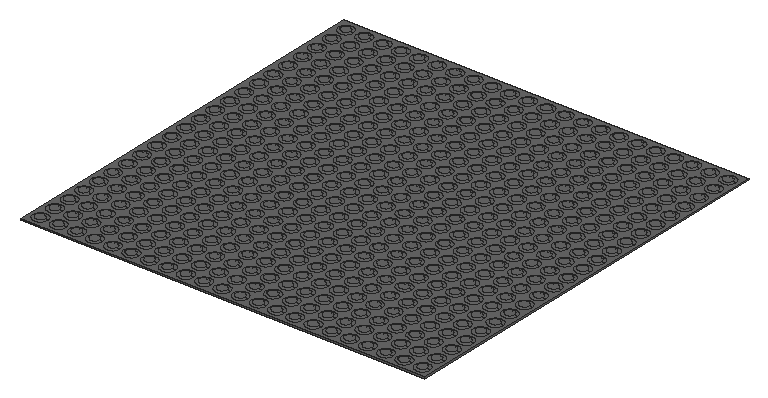
Revit family "141012027113804", category Modelos genéricos, Revit 2018
Family settings
  Puede alojar armadura = No
  Cota de conector redondo = Diámetro de uso
  Tipo de pieza = Normal
  Se basa en plano de trabajo = No
  Siempre vertical = No
  Corte con vacíos al cargar = No
  Compartido = No
  Punto de cálculo de habitación = No
Parameters (values of type "PISO ESTOPEROL GOMA 1MTX3MM NEGRO ROLLO 20MT")
  Ventajas = ""
  Uso = "Es un producto que se puede instala en los descansos de las escaleras o tambien en\r\npisos de medio o alto tráfico cómo pasillos de edificios, aeropuertos, entre otros. Es una\r\nsolución fabricada en caucho natural con diseños antideslizantes. Ideal para: Edificios Públicos y Privados, Colegios, Universidades, Centros comerciales, Aeropuertos, Hoteles,\r\nEdificios Habitacionales, entre otros."
  Unidad = "Rollo 20m."
  URL = "https://www.empresascnp.cl/"
  Num SKUs = "141012027113804"
  Nombre SKU = "PISO ESTOPEROL GOMA 1MTX3MM NEGRO ROLLO 20MT"
  Modelo = "PISO ESTOPEROL GOMA"
  Material = Goma negro
  Url Ficha tecnica = "https://empresascnp.cl/wp-content/uploads//pdf/ficha-tecnica-piso-estoperol-goma-1mtx3mm-negro-rollo-20mt.pdf"
  Largo = 1000.00 mm
  Espesor = 3.00 mm
  Empresa = "CNP SPA."
  Dureza = ""
  Dimension = 1000.00 mm
  Descripción = "Piso Estoperol antideslizante"
  Contacto = "info@empresascnp.cl"
  Color = "Negro"
  Aplicacion = "Donde se requiera una solucion antideslizante en solados."
  Alto = 3.00 mm
Reference planes
  plane 1 "Center F/B": y = 0
  plane 2: z = 0
  plane 3 "Center L/R": x = 0
  plane 4: z = -8
  plane 5 "2": y = 500
  plane 6 "3": y = -500
  plane 7: x = 1000
  plane 8: z = -2
  plane 9 "4": x = 2
Forms (mm)
  Extrusion 1, solid, material "Goma negro" <- "Material"
    sketch origin (0, 0, 4) x (1, 0, 0) y (0, 0, 1)
      loop
        line (0, -4) -> (0, -7) -> (1000, -7) -> (1000, -4) -> (0, -4)
    from -500 to 500
  Blend 2, solid, material "Goma negro" <- "Material"
    base sketch origin (178.816, -165.227, 0) x (1, 0, 0) y (0, 1, 0)
      loop
        circle (793.684, -307.273) r 17.5
    top sketch origin (178.816, -165.227, 0) x (1, 0, 0) y (0, 1, 0)
      loop
        circle (793.684, -307.273) r 12.5
    from 0 to 1
  Blend 3, solid, material "Goma negro" <- "Material"
    base sketch origin (133.816, -165.227, 0) x (1, 0, 0) y (0, 1, 0)
      loop
        circle (793.684, -307.273) r 17.5
    top sketch origin (133.816, -165.227, 0) x (1, 0, 0) y (0, 1, 0)
      loop
        circle (793.684, -307.273) r 12.5
    from 0 to 1
  Blend 4, solid, material "Goma negro" <- "Material"
    base sketch origin (88.816, -165.227, 0) x (1, 0, 0) y (0, 1, 0)
      loop
        circle (793.684, -307.273) r 17.5
    top sketch origin (88.816, -165.227, 0) x (1, 0, 0) y (0, 1, 0)
      loop
        circle (793.684, -307.273) r 12.5
    from 0 to 1
  Blend 5, solid, material "Goma negro" <- "Material"
    base sketch origin (43.816, -165.227, 0) x (1, 0, 0) y (0, 1, 0)
      loop
        circle (793.684, -307.273) r 17.5
    top sketch origin (43.816, -165.227, 0) x (1, 0, 0) y (0, 1, 0)
      loop
        circle (793.684, -307.273) r 12.5
    from 0 to 1
  Blend 6, solid, material "Goma negro" <- "Material"
    base sketch origin (-1.184, -165.227, 0) x (1, 0, 0) y (0, 1, 0)
      loop
        circle (793.684, -307.273) r 17.5
    top sketch origin (-1.184, -165.227, 0) x (1, 0, 0) y (0, 1, 0)
      loop
        circle (793.684, -307.273) r 12.5
    from 0 to 1
  Blend 7, solid, material "Goma negro" <- "Material"
    base sketch origin (-46.184, -165.227, 0) x (1, 0, 0) y (0, 1, 0)
      loop
        circle (793.684, -307.273) r 17.5
    top sketch origin (-46.184, -165.227, 0) x (1, 0, 0) y (0, 1, 0)
      loop
        circle (793.684, -307.273) r 12.5
    from 0 to 1
  Blend 8, solid, material "Goma negro" <- "Material"
    base sketch origin (-91.184, -165.227, 0) x (1, 0, 0) y (0, 1, 0)
      loop
        circle (793.684, -307.273) r 17.5
    top sketch origin (-91.184, -165.227, 0) x (1, 0, 0) y (0, 1, 0)
      loop
        circle (793.684, -307.273) r 12.5
    from 0 to 1
  Blend 9, solid, material "Goma negro" <- "Material"
    base sketch origin (-136.184, -165.227, 0) x (1, 0, 0) y (0, 1, 0)
      loop
        circle (793.684, -307.273) r 17.5
    top sketch origin (-136.184, -165.227, 0) x (1, 0, 0) y (0, 1, 0)
      loop
        circle (793.684, -307.273) r 12.5
    from 0 to 1
  Blend 10, solid, material "Goma negro" <- "Material"
    base sketch origin (-181.184, -165.227, 0) x (1, 0, 0) y (0, 1, 0)
      loop
        circle (793.684, -307.273) r 17.5
    top sketch origin (-181.184, -165.227, 0) x (1, 0, 0) y (0, 1, 0)
      loop
        circle (793.684, -307.273) r 12.5
    from 0 to 1
  Blend 11, solid, material "Goma negro" <- "Material"
    base sketch origin (-226.184, -165.227, 0) x (1, 0, 0) y (0, 1, 0)
      loop
        circle (793.684, -307.273) r 17.5
    top sketch origin (-226.184, -165.227, 0) x (1, 0, 0) y (0, 1, 0)
      loop
        circle (793.684, -307.273) r 12.5
    from 0 to 1
  Blend 12, solid, material "Goma negro" <- "Material"
    base sketch origin (-271.184, -165.227, 0) x (1, 0, 0) y (0, 1, 0)
      loop
        circle (793.684, -307.273) r 17.5
    top sketch origin (-271.184, -165.227, 0) x (1, 0, 0) y (0, 1, 0)
      loop
        circle (793.684, -307.273) r 12.5
    from 0 to 1
  Blend 13, solid, material "Goma negro" <- "Material"
    base sketch origin (-316.184, -165.227, 0) x (1, 0, 0) y (0, 1, 0)
      loop
        circle (793.684, -307.273) r 17.5
    top sketch origin (-316.184, -165.227, 0) x (1, 0, 0) y (0, 1, 0)
      loop
        circle (793.684, -307.273) r 12.5
    from 0 to 1
  Blend 14, solid, material "Goma negro" <- "Material"
    base sketch origin (-361.184, -165.227, 0) x (1, 0, 0) y (0, 1, 0)
      loop
        circle (793.684, -307.273) r 17.5
    top sketch origin (-361.184, -165.227, 0) x (1, 0, 0) y (0, 1, 0)
      loop
        circle (793.684, -307.273) r 12.5
    from 0 to 1
  Blend 15, solid, material "Goma negro" <- "Material"
    base sketch origin (-406.184, -165.227, 0) x (1, 0, 0) y (0, 1, 0)
      loop
        circle (793.684, -307.273) r 17.5
    top sketch origin (-406.184, -165.227, 0) x (1, 0, 0) y (0, 1, 0)
      loop
        circle (793.684, -307.273) r 12.5
    from 0 to 1
  Blend 16, solid, material "Goma negro" <- "Material"
    base sketch origin (-451.184, -165.227, 0) x (1, 0, 0) y (0, 1, 0)
      loop
        circle (793.684, -307.273) r 17.5
    top sketch origin (-451.184, -165.227, 0) x (1, 0, 0) y (0, 1, 0)
      loop
        circle (793.684, -307.273) r 12.5
    from 0 to 1
  Blend 17, solid, material "Goma negro" <- "Material"
    base sketch origin (-496.184, -165.227, 0) x (1, 0, 0) y (0, 1, 0)
      loop
        circle (793.684, -307.273) r 17.5
    top sketch origin (-496.184, -165.227, 0) x (1, 0, 0) y (0, 1, 0)
      loop
        circle (793.684, -307.273) r 12.5
    from 0 to 1
  Blend 18, solid, material "Goma negro" <- "Material"
    base sketch origin (-541.184, -165.227, 0) x (1, 0, 0) y (0, 1, 0)
      loop
        circle (793.684, -307.273) r 17.5
    top sketch origin (-541.184, -165.227, 0) x (1, 0, 0) y (0, 1, 0)
      loop
        circle (793.684, -307.273) r 12.5
    from 0 to 1
  Blend 19, solid, material "Goma negro" <- "Material"
    base sketch origin (-586.184, -165.227, 0) x (1, 0, 0) y (0, 1, 0)
      loop
        circle (793.684, -307.273) r 17.5
    top sketch origin (-586.184, -165.227, 0) x (1, 0, 0) y (0, 1, 0)
      loop
        circle (793.684, -307.273) r 12.5
    from 0 to 1
  Blend 20, solid, material "Goma negro" <- "Material"
    base sketch origin (-631.184, -165.227, 0) x (1, 0, 0) y (0, 1, 0)
      loop
        circle (793.684, -307.273) r 17.5
    top sketch origin (-631.184, -165.227, 0) x (1, 0, 0) y (0, 1, 0)
      loop
        circle (793.684, -307.273) r 12.5
    from 0 to 1
  Blend 21, solid, material "Goma negro" <- "Material"
    base sketch origin (-676.184, -165.227, 0) x (1, 0, 0) y (0, 1, 0)
      loop
        circle (793.684, -307.273) r 17.5
    top sketch origin (-676.184, -165.227, 0) x (1, 0, 0) y (0, 1, 0)
      loop
        circle (793.684, -307.273) r 12.5
    from 0 to 1
  Blend 22, solid, material "Goma negro" <- "Material"
    base sketch origin (-721.184, -165.227, 0) x (1, 0, 0) y (0, 1, 0)
      loop
        circle (793.684, -307.273) r 17.5
    top sketch origin (-721.184, -165.227, 0) x (1, 0, 0) y (0, 1, 0)
      loop
        circle (793.684, -307.273) r 12.5
    from 0 to 1
  Blend 23, solid, material "Goma negro" <- "Material"
    base sketch origin (-766.184, -165.227, 0) x (1, 0, 0) y (0, 1, 0)
      loop
        circle (793.684, -307.273) r 17.5
    top sketch origin (-766.184, -165.227, 0) x (1, 0, 0) y (0, 1, 0)
      loop
        circle (793.684, -307.273) r 12.5
    from 0 to 1
  Blend 24, solid, material "Goma negro" <- "Material"
    base sketch origin (178.816, -120.227, 0) x (1, 0, 0) y (0, 1, 0)
      loop
        circle (793.684, -307.273) r 17.5
    top sketch origin (178.816, -120.227, 0) x (1, 0, 0) y (0, 1, 0)
      loop
        circle (793.684, -307.273) r 12.5
    from 0 to 1
  Blend 25, solid, material "Goma negro" <- "Material"
    base sketch origin (133.816, -120.227, 0) x (1, 0, 0) y (0, 1, 0)
      loop
        circle (793.684, -307.273) r 17.5
    top sketch origin (133.816, -120.227, 0) x (1, 0, 0) y (0, 1, 0)
      loop
        circle (793.684, -307.273) r 12.5
    from 0 to 1
  Blend 26, solid, material "Goma negro" <- "Material"
    base sketch origin (88.816, -120.227, 0) x (1, 0, 0) y (0, 1, 0)
      loop
        circle (793.684, -307.273) r 17.5
    top sketch origin (88.816, -120.227, 0) x (1, 0, 0) y (0, 1, 0)
      loop
        circle (793.684, -307.273) r 12.5
    from 0 to 1
  Blend 27, solid, material "Goma negro" <- "Material"
    base sketch origin (43.816, -120.227, 0) x (1, 0, 0) y (0, 1, 0)
      loop
        circle (793.684, -307.273) r 17.5
    top sketch origin (43.816, -120.227, 0) x (1, 0, 0) y (0, 1, 0)
      loop
        circle (793.684, -307.273) r 12.5
    from 0 to 1
  Blend 28, solid, material "Goma negro" <- "Material"
    base sketch origin (-1.184, -120.227, 0) x (1, 0, 0) y (0, 1, 0)
      loop
        circle (793.684, -307.273) r 17.5
    top sketch origin (-1.184, -120.227, 0) x (1, 0, 0) y (0, 1, 0)
      loop
        circle (793.684, -307.273) r 12.5
    from 0 to 1
  Blend 29, solid, material "Goma negro" <- "Material"
    base sketch origin (-46.184, -120.227, 0) x (1, 0, 0) y (0, 1, 0)
      loop
        circle (793.684, -307.273) r 17.5
    top sketch origin (-46.184, -120.227, 0) x (1, 0, 0) y (0, 1, 0)
      loop
        circle (793.684, -307.273) r 12.5
    from 0 to 1
  Blend 30, solid, material "Goma negro" <- "Material"
    base sketch origin (-91.184, -120.227, 0) x (1, 0, 0) y (0, 1, 0)
      loop
        circle (793.684, -307.273) r 17.5
    top sketch origin (-91.184, -120.227, 0) x (1, 0, 0) y (0, 1, 0)
      loop
        circle (793.684, -307.273) r 12.5
    from 0 to 1
  Blend 31, solid, material "Goma negro" <- "Material"
    base sketch origin (-136.184, -120.227, 0) x (1, 0, 0) y (0, 1, 0)
      loop
        circle (793.684, -307.273) r 17.5
    top sketch origin (-136.184, -120.227, 0) x (1, 0, 0) y (0, 1, 0)
      loop
        circle (793.684, -307.273) r 12.5
    from 0 to 1
  Blend 32, solid, material "Goma negro" <- "Material"
    base sketch origin (-181.184, -120.227, 0) x (1, 0, 0) y (0, 1, 0)
      loop
        circle (793.684, -307.273) r 17.5
    top sketch origin (-181.184, -120.227, 0) x (1, 0, 0) y (0, 1, 0)
      loop
        circle (793.684, -307.273) r 12.5
    from 0 to 1
  Blend 33, solid, material "Goma negro" <- "Material"
    base sketch origin (-226.184, -120.227, 0) x (1, 0, 0) y (0, 1, 0)
      loop
        circle (793.684, -307.273) r 17.5
    top sketch origin (-226.184, -120.227, 0) x (1, 0, 0) y (0, 1, 0)
      loop
        circle (793.684, -307.273) r 12.5
    from 0 to 1
  Blend 34, solid, material "Goma negro" <- "Material"
    base sketch origin (-271.184, -120.227, 0) x (1, 0, 0) y (0, 1, 0)
      loop
        circle (793.684, -307.273) r 17.5
    top sketch origin (-271.184, -120.227, 0) x (1, 0, 0) y (0, 1, 0)
      loop
        circle (793.684, -307.273) r 12.5
    from 0 to 1
  Blend 35, solid, material "Goma negro" <- "Material"
    base sketch origin (-316.184, -120.227, 0) x (1, 0, 0) y (0, 1, 0)
      loop
        circle (793.684, -307.273) r 17.5
    top sketch origin (-316.184, -120.227, 0) x (1, 0, 0) y (0, 1, 0)
      loop
        circle (793.684, -307.273) r 12.5
    from 0 to 1
  Blend 36, solid, material "Goma negro" <- "Material"
    base sketch origin (-361.184, -120.227, 0) x (1, 0, 0) y (0, 1, 0)
      loop
        circle (793.684, -307.273) r 17.5
    top sketch origin (-361.184, -120.227, 0) x (1, 0, 0) y (0, 1, 0)
      loop
        circle (793.684, -307.273) r 12.5
    from 0 to 1
  Blend 37, solid, material "Goma negro" <- "Material"
    base sketch origin (-406.184, -120.227, 0) x (1, 0, 0) y (0, 1, 0)
      loop
        circle (793.684, -307.273) r 17.5
    top sketch origin (-406.184, -120.227, 0) x (1, 0, 0) y (0, 1, 0)
      loop
        circle (793.684, -307.273) r 12.5
    from 0 to 1
  Blend 38, solid, material "Goma negro" <- "Material"
    base sketch origin (-451.184, -120.227, 0) x (1, 0, 0) y (0, 1, 0)
      loop
        circle (793.684, -307.273) r 17.5
    top sketch origin (-451.184, -120.227, 0) x (1, 0, 0) y (0, 1, 0)
      loop
        circle (793.684, -307.273) r 12.5
    from 0 to 1
  Blend 39, solid, material "Goma negro" <- "Material"
    base sketch origin (-496.184, -120.227, 0) x (1, 0, 0) y (0, 1, 0)
      loop
        circle (793.684, -307.273) r 17.5
    top sketch origin (-496.184, -120.227, 0) x (1, 0, 0) y (0, 1, 0)
      loop
        circle (793.684, -307.273) r 12.5
    from 0 to 1
  Blend 40, solid, material "Goma negro" <- "Material"
    base sketch origin (-541.184, -120.227, 0) x (1, 0, 0) y (0, 1, 0)
      loop
        circle (793.684, -307.273) r 17.5
    top sketch origin (-541.184, -120.227, 0) x (1, 0, 0) y (0, 1, 0)
      loop
        circle (793.684, -307.273) r 12.5
    from 0 to 1
  Blend 41, solid, material "Goma negro" <- "Material"
    base sketch origin (-586.184, -120.227, 0) x (1, 0, 0) y (0, 1, 0)
      loop
        circle (793.684, -307.273) r 17.5
    top sketch origin (-586.184, -120.227, 0) x (1, 0, 0) y (0, 1, 0)
      loop
        circle (793.684, -307.273) r 12.5
    from 0 to 1
  Blend 42, solid, material "Goma negro" <- "Material"
    base sketch origin (-631.184, -120.227, 0) x (1, 0, 0) y (0, 1, 0)
      loop
        circle (793.684, -307.273) r 17.5
    top sketch origin (-631.184, -120.227, 0) x (1, 0, 0) y (0, 1, 0)
      loop
        circle (793.684, -307.273) r 12.5
    from 0 to 1
  Blend 43, solid, material "Goma negro" <- "Material"
    base sketch origin (-676.184, -120.227, 0) x (1, 0, 0) y (0, 1, 0)
      loop
        circle (793.684, -307.273) r 17.5
    top sketch origin (-676.184, -120.227, 0) x (1, 0, 0) y (0, 1, 0)
      loop
        circle (793.684, -307.273) r 12.5
    from 0 to 1
  Blend 44, solid, material "Goma negro" <- "Material"
    base sketch origin (-721.184, -120.227, 0) x (1, 0, 0) y (0, 1, 0)
      loop
        circle (793.684, -307.273) r 17.5
    top sketch origin (-721.184, -120.227, 0) x (1, 0, 0) y (0, 1, 0)
      loop
        circle (793.684, -307.273) r 12.5
    from 0 to 1
  Blend 45, solid, material "Goma negro" <- "Material"
    base sketch origin (-766.184, -120.227, 0) x (1, 0, 0) y (0, 1, 0)
      loop
        circle (793.684, -307.273) r 17.5
    top sketch origin (-766.184, -120.227, 0) x (1, 0, 0) y (0, 1, 0)
      loop
        circle (793.684, -307.273) r 12.5
    from 0 to 1
  Blend 46, solid, material "Goma negro" <- "Material"
    base sketch origin (178.816, -75.227, 0) x (1, 0, 0) y (0, 1, 0)
      loop
        circle (793.684, -307.273) r 17.5
    top sketch origin (178.816, -75.227, 0) x (1, 0, 0) y (0, 1, 0)
      loop
        circle (793.684, -307.273) r 12.5
    from 0 to 1
  Blend 47, solid, material "Goma negro" <- "Material"
    base sketch origin (133.816, -75.227, 0) x (1, 0, 0) y (0, 1, 0)
      loop
        circle (793.684, -307.273) r 17.5
    top sketch origin (133.816, -75.227, 0) x (1, 0, 0) y (0, 1, 0)
      loop
        circle (793.684, -307.273) r 12.5
    from 0 to 1
  Blend 48, solid, material "Goma negro" <- "Material"
    base sketch origin (88.816, -75.227, 0) x (1, 0, 0) y (0, 1, 0)
      loop
        circle (793.684, -307.273) r 17.5
    top sketch origin (88.816, -75.227, 0) x (1, 0, 0) y (0, 1, 0)
      loop
        circle (793.684, -307.273) r 12.5
    from 0 to 1
  Blend 49, solid, material "Goma negro" <- "Material"
    base sketch origin (43.816, -75.227, 0) x (1, 0, 0) y (0, 1, 0)
      loop
        circle (793.684, -307.273) r 17.5
    top sketch origin (43.816, -75.227, 0) x (1, 0, 0) y (0, 1, 0)
      loop
        circle (793.684, -307.273) r 12.5
    from 0 to 1
  Blend 50, solid, material "Goma negro" <- "Material"
    base sketch origin (-1.184, -75.227, 0) x (1, 0, 0) y (0, 1, 0)
      loop
        circle (793.684, -307.273) r 17.5
    top sketch origin (-1.184, -75.227, 0) x (1, 0, 0) y (0, 1, 0)
      loop
        circle (793.684, -307.273) r 12.5
    from 0 to 1
  Blend 51, solid, material "Goma negro" <- "Material"
    base sketch origin (-46.184, -75.227, 0) x (1, 0, 0) y (0, 1, 0)
      loop
        circle (793.684, -307.273) r 17.5
    top sketch origin (-46.184, -75.227, 0) x (1, 0, 0) y (0, 1, 0)
      loop
        circle (793.684, -307.273) r 12.5
    from 0 to 1
  Blend 52, solid, material "Goma negro" <- "Material"
    base sketch origin (-91.184, -75.227, 0) x (1, 0, 0) y (0, 1, 0)
      loop
        circle (793.684, -307.273) r 17.5
    top sketch origin (-91.184, -75.227, 0) x (1, 0, 0) y (0, 1, 0)
      loop
        circle (793.684, -307.273) r 12.5
    from 0 to 1
  Blend 53, solid, material "Goma negro" <- "Material"
    base sketch origin (-136.184, -75.227, 0) x (1, 0, 0) y (0, 1, 0)
      loop
        circle (793.684, -307.273) r 17.5
    top sketch origin (-136.184, -75.227, 0) x (1, 0, 0) y (0, 1, 0)
      loop
        circle (793.684, -307.273) r 12.5
    from 0 to 1
  Blend 54, solid, material "Goma negro" <- "Material"
    base sketch origin (-181.184, -75.227, 0) x (1, 0, 0) y (0, 1, 0)
      loop
        circle (793.684, -307.273) r 17.5
    top sketch origin (-181.184, -75.227, 0) x (1, 0, 0) y (0, 1, 0)
      loop
        circle (793.684, -307.273) r 12.5
    from 0 to 1
  Blend 55, solid, material "Goma negro" <- "Material"
    base sketch origin (-226.184, -75.227, 0) x (1, 0, 0) y (0, 1, 0)
      loop
        circle (793.684, -307.273) r 17.5
    top sketch origin (-226.184, -75.227, 0) x (1, 0, 0) y (0, 1, 0)
      loop
        circle (793.684, -307.273) r 12.5
    from 0 to 1
  Blend 56, solid, material "Goma negro" <- "Material"
    base sketch origin (-271.184, -75.227, 0) x (1, 0, 0) y (0, 1, 0)
      loop
        circle (793.684, -307.273) r 17.5
    top sketch origin (-271.184, -75.227, 0) x (1, 0, 0) y (0, 1, 0)
      loop
        circle (793.684, -307.273) r 12.5
    from 0 to 1
  Blend 57, solid, material "Goma negro" <- "Material"
    base sketch origin (-316.184, -75.227, 0) x (1, 0, 0) y (0, 1, 0)
      loop
        circle (793.684, -307.273) r 17.5
    top sketch origin (-316.184, -75.227, 0) x (1, 0, 0) y (0, 1, 0)
      loop
        circle (793.684, -307.273) r 12.5
    from 0 to 1
  Blend 58, solid, material "Goma negro" <- "Material"
    base sketch origin (-361.184, -75.227, 0) x (1, 0, 0) y (0, 1, 0)
      loop
        circle (793.684, -307.273) r 17.5
    top sketch origin (-361.184, -75.227, 0) x (1, 0, 0) y (0, 1, 0)
      loop
        circle (793.684, -307.273) r 12.5
    from 0 to 1
  Blend 59, solid, material "Goma negro" <- "Material"
    base sketch origin (-406.184, -75.227, 0) x (1, 0, 0) y (0, 1, 0)
      loop
        circle (793.684, -307.273) r 17.5
    top sketch origin (-406.184, -75.227, 0) x (1, 0, 0) y (0, 1, 0)
      loop
        circle (793.684, -307.273) r 12.5
    from 0 to 1
  Blend 60, solid, material "Goma negro" <- "Material"
    base sketch origin (-451.184, -75.227, 0) x (1, 0, 0) y (0, 1, 0)
      loop
        circle (793.684, -307.273) r 17.5
    top sketch origin (-451.184, -75.227, 0) x (1, 0, 0) y (0, 1, 0)
      loop
        circle (793.684, -307.273) r 12.5
    from 0 to 1
  Blend 61, solid, material "Goma negro" <- "Material"
    base sketch origin (-496.184, -75.227, 0) x (1, 0, 0) y (0, 1, 0)
      loop
        circle (793.684, -307.273) r 17.5
    top sketch origin (-496.184, -75.227, 0) x (1, 0, 0) y (0, 1, 0)
      loop
        circle (793.684, -307.273) r 12.5
    from 0 to 1
  Blend 62, solid, material "Goma negro" <- "Material"
    base sketch origin (-541.184, -75.227, 0) x (1, 0, 0) y (0, 1, 0)
      loop
        circle (793.684, -307.273) r 17.5
    top sketch origin (-541.184, -75.227, 0) x (1, 0, 0) y (0, 1, 0)
      loop
        circle (793.684, -307.273) r 12.5
    from 0 to 1
  Blend 63, solid, material "Goma negro" <- "Material"
    base sketch origin (-586.184, -75.227, 0) x (1, 0, 0) y (0, 1, 0)
      loop
        circle (793.684, -307.273) r 17.5
    top sketch origin (-586.184, -75.227, 0) x (1, 0, 0) y (0, 1, 0)
      loop
        circle (793.684, -307.273) r 12.5
    from 0 to 1
  Blend 64, solid, material "Goma negro" <- "Material"
    base sketch origin (-631.184, -75.227, 0) x (1, 0, 0) y (0, 1, 0)
      loop
        circle (793.684, -307.273) r 17.5
    top sketch origin (-631.184, -75.227, 0) x (1, 0, 0) y (0, 1, 0)
      loop
        circle (793.684, -307.273) r 12.5
    from 0 to 1
  Blend 65, solid, material "Goma negro" <- "Material"
    base sketch origin (-676.184, -75.227, 0) x (1, 0, 0) y (0, 1, 0)
      loop
        circle (793.684, -307.273) r 17.5
    top sketch origin (-676.184, -75.227, 0) x (1, 0, 0) y (0, 1, 0)
      loop
        circle (793.684, -307.273) r 12.5
    from 0 to 1
  Blend 66, solid, material "Goma negro" <- "Material"
    base sketch origin (-721.184, -75.227, 0) x (1, 0, 0) y (0, 1, 0)
      loop
        circle (793.684, -307.273) r 17.5
    top sketch origin (-721.184, -75.227, 0) x (1, 0, 0) y (0, 1, 0)
      loop
        circle (793.684, -307.273) r 12.5
    from 0 to 1
  Blend 67, solid, material "Goma negro" <- "Material"
    base sketch origin (-766.184, -75.227, 0) x (1, 0, 0) y (0, 1, 0)
      loop
        circle (793.684, -307.273) r 17.5
    top sketch origin (-766.184, -75.227, 0) x (1, 0, 0) y (0, 1, 0)
      loop
        circle (793.684, -307.273) r 12.5
    from 0 to 1
  Blend 68, solid, material "Goma negro" <- "Material"
    base sketch origin (178.816, -30.227, 0) x (1, 0, 0) y (0, 1, 0)
      loop
        circle (793.684, -307.273) r 17.5
    top sketch origin (178.816, -30.227, 0) x (1, 0, 0) y (0, 1, 0)
      loop
        circle (793.684, -307.273) r 12.5
    from 0 to 1
  Blend 69, solid, material "Goma negro" <- "Material"
    base sketch origin (133.816, -30.227, 0) x (1, 0, 0) y (0, 1, 0)
      loop
        circle (793.684, -307.273) r 17.5
    top sketch origin (133.816, -30.227, 0) x (1, 0, 0) y (0, 1, 0)
      loop
        circle (793.684, -307.273) r 12.5
    from 0 to 1
  Blend 70, solid, material "Goma negro" <- "Material"
    base sketch origin (88.816, -30.227, 0) x (1, 0, 0) y (0, 1, 0)
      loop
        circle (793.684, -307.273) r 17.5
    top sketch origin (88.816, -30.227, 0) x (1, 0, 0) y (0, 1, 0)
      loop
        circle (793.684, -307.273) r 12.5
    from 0 to 1
  Blend 71, solid, material "Goma negro" <- "Material"
    base sketch origin (43.816, -30.227, 0) x (1, 0, 0) y (0, 1, 0)
      loop
        circle (793.684, -307.273) r 17.5
    top sketch origin (43.816, -30.227, 0) x (1, 0, 0) y (0, 1, 0)
      loop
        circle (793.684, -307.273) r 12.5
    from 0 to 1
  Blend 72, solid, material "Goma negro" <- "Material"
    base sketch origin (-1.184, -30.227, 0) x (1, 0, 0) y (0, 1, 0)
      loop
        circle (793.684, -307.273) r 17.5
    top sketch origin (-1.184, -30.227, 0) x (1, 0, 0) y (0, 1, 0)
      loop
        circle (793.684, -307.273) r 12.5
    from 0 to 1
  Blend 73, solid, material "Goma negro" <- "Material"
    base sketch origin (-46.184, -30.227, 0) x (1, 0, 0) y (0, 1, 0)
      loop
        circle (793.684, -307.273) r 17.5
    top sketch origin (-46.184, -30.227, 0) x (1, 0, 0) y (0, 1, 0)
      loop
        circle (793.684, -307.273) r 12.5
    from 0 to 1
  Blend 74, solid, material "Goma negro" <- "Material"
    base sketch origin (-91.184, -30.227, 0) x (1, 0, 0) y (0, 1, 0)
      loop
        circle (793.684, -307.273) r 17.5
    top sketch origin (-91.184, -30.227, 0) x (1, 0, 0) y (0, 1, 0)
      loop
        circle (793.684, -307.273) r 12.5
    from 0 to 1
  Blend 75, solid, material "Goma negro" <- "Material"
    base sketch origin (-136.184, -30.227, 0) x (1, 0, 0) y (0, 1, 0)
      loop
        circle (793.684, -307.273) r 17.5
    top sketch origin (-136.184, -30.227, 0) x (1, 0, 0) y (0, 1, 0)
      loop
        circle (793.684, -307.273) r 12.5
    from 0 to 1
  Blend 76, solid, material "Goma negro" <- "Material"
    base sketch origin (-181.184, -30.227, 0) x (1, 0, 0) y (0, 1, 0)
      loop
        circle (793.684, -307.273) r 17.5
    top sketch origin (-181.184, -30.227, 0) x (1, 0, 0) y (0, 1, 0)
      loop
        circle (793.684, -307.273) r 12.5
    from 0 to 1
  Blend 77, solid, material "Goma negro" <- "Material"
    base sketch origin (-226.184, -30.227, 0) x (1, 0, 0) y (0, 1, 0)
      loop
        circle (793.684, -307.273) r 17.5
    top sketch origin (-226.184, -30.227, 0) x (1, 0, 0) y (0, 1, 0)
      loop
        circle (793.684, -307.273) r 12.5
    from 0 to 1
  Blend 78, solid, material "Goma negro" <- "Material"
    base sketch origin (-271.184, -30.227, 0) x (1, 0, 0) y (0, 1, 0)
      loop
        circle (793.684, -307.273) r 17.5
    top sketch origin (-271.184, -30.227, 0) x (1, 0, 0) y (0, 1, 0)
      loop
        circle (793.684, -307.273) r 12.5
    from 0 to 1
  Blend 79, solid, material "Goma negro" <- "Material"
    base sketch origin (-316.184, -30.227, 0) x (1, 0, 0) y (0, 1, 0)
      loop
        circle (793.684, -307.273) r 17.5
    top sketch origin (-316.184, -30.227, 0) x (1, 0, 0) y (0, 1, 0)
      loop
        circle (793.684, -307.273) r 12.5
    from 0 to 1
  Blend 80, solid, material "Goma negro" <- "Material"
    base sketch origin (-361.184, -30.227, 0) x (1, 0, 0) y (0, 1, 0)
      loop
        circle (793.684, -307.273) r 17.5
    top sketch origin (-361.184, -30.227, 0) x (1, 0, 0) y (0, 1, 0)
      loop
        circle (793.684, -307.273) r 12.5
    from 0 to 1
  Blend 81, solid, material "Goma negro" <- "Material"
    base sketch origin (-406.184, -30.227, 0) x (1, 0, 0) y (0, 1, 0)
      loop
        circle (793.684, -307.273) r 17.5
    top sketch origin (-406.184, -30.227, 0) x (1, 0, 0) y (0, 1, 0)
      loop
        circle (793.684, -307.273) r 12.5
    from 0 to 1
  Blend 82, solid, material "Goma negro" <- "Material"
    base sketch origin (-451.184, -30.227, 0) x (1, 0, 0) y (0, 1, 0)
      loop
        circle (793.684, -307.273) r 17.5
    top sketch origin (-451.184, -30.227, 0) x (1, 0, 0) y (0, 1, 0)
      loop
        circle (793.684, -307.273) r 12.5
    from 0 to 1
  Blend 83, solid, material "Goma negro" <- "Material"
    base sketch origin (-496.184, -30.227, 0) x (1, 0, 0) y (0, 1, 0)
      loop
        circle (793.684, -307.273) r 17.5
    top sketch origin (-496.184, -30.227, 0) x (1, 0, 0) y (0, 1, 0)
      loop
        circle (793.684, -307.273) r 12.5
    from 0 to 1
  Blend 84, solid, material "Goma negro" <- "Material"
    base sketch origin (-541.184, -30.227, 0) x (1, 0, 0) y (0, 1, 0)
      loop
        circle (793.684, -307.273) r 17.5
    top sketch origin (-541.184, -30.227, 0) x (1, 0, 0) y (0, 1, 0)
      loop
        circle (793.684, -307.273) r 12.5
    from 0 to 1
  Blend 85, solid, material "Goma negro" <- "Material"
    base sketch origin (-586.184, -30.227, 0) x (1, 0, 0) y (0, 1, 0)
      loop
        circle (793.684, -307.273) r 17.5
    top sketch origin (-586.184, -30.227, 0) x (1, 0, 0) y (0, 1, 0)
      loop
        circle (793.684, -307.273) r 12.5
    from 0 to 1
  Blend 86, solid, material "Goma negro" <- "Material"
    base sketch origin (-631.184, -30.227, 0) x (1, 0, 0) y (0, 1, 0)
      loop
        circle (793.684, -307.273) r 17.5
    top sketch origin (-631.184, -30.227, 0) x (1, 0, 0) y (0, 1, 0)
      loop
        circle (793.684, -307.273) r 12.5
    from 0 to 1
  Blend 87, solid, material "Goma negro" <- "Material"
    base sketch origin (-676.184, -30.227, 0) x (1, 0, 0) y (0, 1, 0)
      loop
        circle (793.684, -307.273) r 17.5
    top sketch origin (-676.184, -30.227, 0) x (1, 0, 0) y (0, 1, 0)
      loop
        circle (793.684, -307.273) r 12.5
    from 0 to 1
  Blend 88, solid, material "Goma negro" <- "Material"
    base sketch origin (-721.184, -30.227, 0) x (1, 0, 0) y (0, 1, 0)
      loop
        circle (793.684, -307.273) r 17.5
    top sketch origin (-721.184, -30.227, 0) x (1, 0, 0) y (0, 1, 0)
      loop
        circle (793.684, -307.273) r 12.5
    from 0 to 1
  Blend 89, solid, material "Goma negro" <- "Material"
    base sketch origin (-766.184, -30.227, 0) x (1, 0, 0) y (0, 1, 0)
      loop
        circle (793.684, -307.273) r 17.5
    top sketch origin (-766.184, -30.227, 0) x (1, 0, 0) y (0, 1, 0)
      loop
        circle (793.684, -307.273) r 12.5
    from 0 to 1
  Blend 90, solid, material "Goma negro" <- "Material"
    base sketch origin (178.816, 14.773, 0) x (1, 0, 0) y (0, 1, 0)
      loop
        circle (793.684, -307.273) r 17.5
    top sketch origin (178.816, 14.773, 0) x (1, 0, 0) y (0, 1, 0)
      loop
        circle (793.684, -307.273) r 12.5
    from 0 to 1
  Blend 91, solid, material "Goma negro" <- "Material"
    base sketch origin (133.816, 14.773, 0) x (1, 0, 0) y (0, 1, 0)
      loop
        circle (793.684, -307.273) r 17.5
    top sketch origin (133.816, 14.773, 0) x (1, 0, 0) y (0, 1, 0)
      loop
        circle (793.684, -307.273) r 12.5
    from 0 to 1
  Blend 92, solid, material "Goma negro" <- "Material"
    base sketch origin (88.816, 14.773, 0) x (1, 0, 0) y (0, 1, 0)
      loop
        circle (793.684, -307.273) r 17.5
    top sketch origin (88.816, 14.773, 0) x (1, 0, 0) y (0, 1, 0)
      loop
        circle (793.684, -307.273) r 12.5
    from 0 to 1
  Blend 93, solid, material "Goma negro" <- "Material"
    base sketch origin (43.816, 14.773, 0) x (1, 0, 0) y (0, 1, 0)
      loop
        circle (793.684, -307.273) r 17.5
    top sketch origin (43.816, 14.773, 0) x (1, 0, 0) y (0, 1, 0)
      loop
        circle (793.684, -307.273) r 12.5
    from 0 to 1
  Blend 94, solid, material "Goma negro" <- "Material"
    base sketch origin (-1.184, 14.773, 0) x (1, 0, 0) y (0, 1, 0)
      loop
        circle (793.684, -307.273) r 17.5
    top sketch origin (-1.184, 14.773, 0) x (1, 0, 0) y (0, 1, 0)
      loop
        circle (793.684, -307.273) r 12.5
    from 0 to 1
  Blend 95, solid, material "Goma negro" <- "Material"
    base sketch origin (-46.184, 14.773, 0) x (1, 0, 0) y (0, 1, 0)
      loop
        circle (793.684, -307.273) r 17.5
    top sketch origin (-46.184, 14.773, 0) x (1, 0, 0) y (0, 1, 0)
      loop
        circle (793.684, -307.273) r 12.5
    from 0 to 1
  Blend 96, solid, material "Goma negro" <- "Material"
    base sketch origin (-91.184, 14.773, 0) x (1, 0, 0) y (0, 1, 0)
      loop
        circle (793.684, -307.273) r 17.5
    top sketch origin (-91.184, 14.773, 0) x (1, 0, 0) y (0, 1, 0)
      loop
        circle (793.684, -307.273) r 12.5
    from 0 to 1
  Blend 97, solid, material "Goma negro" <- "Material"
    base sketch origin (-136.184, 14.773, 0) x (1, 0, 0) y (0, 1, 0)
      loop
        circle (793.684, -307.273) r 17.5
    top sketch origin (-136.184, 14.773, 0) x (1, 0, 0) y (0, 1, 0)
      loop
        circle (793.684, -307.273) r 12.5
    from 0 to 1
  Blend 98, solid, material "Goma negro" <- "Material"
    base sketch origin (-181.184, 14.773, 0) x (1, 0, 0) y (0, 1, 0)
      loop
        circle (793.684, -307.273) r 17.5
    top sketch origin (-181.184, 14.773, 0) x (1, 0, 0) y (0, 1, 0)
      loop
        circle (793.684, -307.273) r 12.5
    from 0 to 1
  Blend 99, solid, material "Goma negro" <- "Material"
    base sketch origin (-226.184, 14.773, 0) x (1, 0, 0) y (0, 1, 0)
      loop
        circle (793.684, -307.273) r 17.5
    top sketch origin (-226.184, 14.773, 0) x (1, 0, 0) y (0, 1, 0)
      loop
        circle (793.684, -307.273) r 12.5
    from 0 to 1
  Blend 100, solid, material "Goma negro" <- "Material"
    base sketch origin (-271.184, 14.773, 0) x (1, 0, 0) y (0, 1, 0)
      loop
        circle (793.684, -307.273) r 17.5
    top sketch origin (-271.184, 14.773, 0) x (1, 0, 0) y (0, 1, 0)
      loop
        circle (793.684, -307.273) r 12.5
    from 0 to 1
  Blend 101, solid, material "Goma negro" <- "Material"
    base sketch origin (-316.184, 14.773, 0) x (1, 0, 0) y (0, 1, 0)
      loop
        circle (793.684, -307.273) r 17.5
    top sketch origin (-316.184, 14.773, 0) x (1, 0, 0) y (0, 1, 0)
      loop
        circle (793.684, -307.273) r 12.5
    from 0 to 1
  Blend 102, solid, material "Goma negro" <- "Material"
    base sketch origin (-361.184, 14.773, 0) x (1, 0, 0) y (0, 1, 0)
      loop
        circle (793.684, -307.273) r 17.5
    top sketch origin (-361.184, 14.773, 0) x (1, 0, 0) y (0, 1, 0)
      loop
        circle (793.684, -307.273) r 12.5
    from 0 to 1
  Blend 103, solid, material "Goma negro" <- "Material"
    base sketch origin (-406.184, 14.773, 0) x (1, 0, 0) y (0, 1, 0)
      loop
        circle (793.684, -307.273) r 17.5
    top sketch origin (-406.184, 14.773, 0) x (1, 0, 0) y (0, 1, 0)
      loop
        circle (793.684, -307.273) r 12.5
    from 0 to 1
  Blend 104, solid, material "Goma negro" <- "Material"
    base sketch origin (-451.184, 14.773, 0) x (1, 0, 0) y (0, 1, 0)
      loop
        circle (793.684, -307.273) r 17.5
    top sketch origin (-451.184, 14.773, 0) x (1, 0, 0) y (0, 1, 0)
      loop
        circle (793.684, -307.273) r 12.5
    from 0 to 1
  Blend 105, solid, material "Goma negro" <- "Material"
    base sketch origin (-496.184, 14.773, 0) x (1, 0, 0) y (0, 1, 0)
      loop
        circle (793.684, -307.273) r 17.5
    top sketch origin (-496.184, 14.773, 0) x (1, 0, 0) y (0, 1, 0)
      loop
        circle (793.684, -307.273) r 12.5
    from 0 to 1
  Blend 106, solid, material "Goma negro" <- "Material"
    base sketch origin (-541.184, 14.773, 0) x (1, 0, 0) y (0, 1, 0)
      loop
        circle (793.684, -307.273) r 17.5
    top sketch origin (-541.184, 14.773, 0) x (1, 0, 0) y (0, 1, 0)
      loop
        circle (793.684, -307.273) r 12.5
    from 0 to 1
  Blend 107, solid, material "Goma negro" <- "Material"
    base sketch origin (-586.184, 14.773, 0) x (1, 0, 0) y (0, 1, 0)
      loop
        circle (793.684, -307.273) r 17.5
    top sketch origin (-586.184, 14.773, 0) x (1, 0, 0) y (0, 1, 0)
      loop
        circle (793.684, -307.273) r 12.5
    from 0 to 1
  Blend 108, solid, material "Goma negro" <- "Material"
    base sketch origin (-631.184, 14.773, 0) x (1, 0, 0) y (0, 1, 0)
      loop
        circle (793.684, -307.273) r 17.5
    top sketch origin (-631.184, 14.773, 0) x (1, 0, 0) y (0, 1, 0)
      loop
        circle (793.684, -307.273) r 12.5
    from 0 to 1
  Blend 109, solid, material "Goma negro" <- "Material"
    base sketch origin (-676.184, 14.773, 0) x (1, 0, 0) y (0, 1, 0)
      loop
        circle (793.684, -307.273) r 17.5
    top sketch origin (-676.184, 14.773, 0) x (1, 0, 0) y (0, 1, 0)
      loop
        circle (793.684, -307.273) r 12.5
    from 0 to 1
  Blend 110, solid, material "Goma negro" <- "Material"
    base sketch origin (-721.184, 14.773, 0) x (1, 0, 0) y (0, 1, 0)
      loop
        circle (793.684, -307.273) r 17.5
    top sketch origin (-721.184, 14.773, 0) x (1, 0, 0) y (0, 1, 0)
      loop
        circle (793.684, -307.273) r 12.5
    from 0 to 1
  Blend 111, solid, material "Goma negro" <- "Material"
    base sketch origin (-766.184, 14.773, 0) x (1, 0, 0) y (0, 1, 0)
      loop
        circle (793.684, -307.273) r 17.5
    top sketch origin (-766.184, 14.773, 0) x (1, 0, 0) y (0, 1, 0)
      loop
        circle (793.684, -307.273) r 12.5
    from 0 to 1
  Blend 112, solid, material "Goma negro" <- "Material"
    base sketch origin (178.816, 59.773, 0) x (1, 0, 0) y (0, 1, 0)
      loop
        circle (793.684, -307.273) r 17.5
    top sketch origin (178.816, 59.773, 0) x (1, 0, 0) y (0, 1, 0)
      loop
        circle (793.684, -307.273) r 12.5
    from 0 to 1
  Blend 113, solid, material "Goma negro" <- "Material"
    base sketch origin (133.816, 59.773, 0) x (1, 0, 0) y (0, 1, 0)
      loop
        circle (793.684, -307.273) r 17.5
    top sketch origin (133.816, 59.773, 0) x (1, 0, 0) y (0, 1, 0)
      loop
        circle (793.684, -307.273) r 12.5
    from 0 to 1
  Blend 114, solid, material "Goma negro" <- "Material"
    base sketch origin (88.816, 59.773, 0) x (1, 0, 0) y (0, 1, 0)
      loop
        circle (793.684, -307.273) r 17.5
    top sketch origin (88.816, 59.773, 0) x (1, 0, 0) y (0, 1, 0)
      loop
        circle (793.684, -307.273) r 12.5
    from 0 to 1
  Blend 115, solid, material "Goma negro" <- "Material"
    base sketch origin (43.816, 59.773, 0) x (1, 0, 0) y (0, 1, 0)
      loop
        circle (793.684, -307.273) r 17.5
    top sketch origin (43.816, 59.773, 0) x (1, 0, 0) y (0, 1, 0)
      loop
        circle (793.684, -307.273) r 12.5
    from 0 to 1
  Blend 116, solid, material "Goma negro" <- "Material"
    base sketch origin (-1.184, 59.773, 0) x (1, 0, 0) y (0, 1, 0)
      loop
        circle (793.684, -307.273) r 17.5
    top sketch origin (-1.184, 59.773, 0) x (1, 0, 0) y (0, 1, 0)
      loop
        circle (793.684, -307.273) r 12.5
    from 0 to 1
  Blend 117, solid, material "Goma negro" <- "Material"
    base sketch origin (-46.184, 59.773, 0) x (1, 0, 0) y (0, 1, 0)
      loop
        circle (793.684, -307.273) r 17.5
    top sketch origin (-46.184, 59.773, 0) x (1, 0, 0) y (0, 1, 0)
      loop
        circle (793.684, -307.273) r 12.5
    from 0 to 1
  Blend 118, solid, material "Goma negro" <- "Material"
    base sketch origin (-91.184, 59.773, 0) x (1, 0, 0) y (0, 1, 0)
      loop
        circle (793.684, -307.273) r 17.5
    top sketch origin (-91.184, 59.773, 0) x (1, 0, 0) y (0, 1, 0)
      loop
        circle (793.684, -307.273) r 12.5
    from 0 to 1
  Blend 119, solid, material "Goma negro" <- "Material"
    base sketch origin (-136.184, 59.773, 0) x (1, 0, 0) y (0, 1, 0)
      loop
        circle (793.684, -307.273) r 17.5
    top sketch origin (-136.184, 59.773, 0) x (1, 0, 0) y (0, 1, 0)
      loop
        circle (793.684, -307.273) r 12.5
    from 0 to 1
  Blend 120, solid, material "Goma negro" <- "Material"
    base sketch origin (-181.184, 59.773, 0) x (1, 0, 0) y (0, 1, 0)
      loop
        circle (793.684, -307.273) r 17.5
    top sketch origin (-181.184, 59.773, 0) x (1, 0, 0) y (0, 1, 0)
      loop
        circle (793.684, -307.273) r 12.5
    from 0 to 1
  Blend 121, solid, material "Goma negro" <- "Material"
    base sketch origin (-226.184, 59.773, 0) x (1, 0, 0) y (0, 1, 0)
      loop
        circle (793.684, -307.273) r 17.5
    top sketch origin (-226.184, 59.773, 0) x (1, 0, 0) y (0, 1, 0)
      loop
        circle (793.684, -307.273) r 12.5
    from 0 to 1
  Blend 122, solid, material "Goma negro" <- "Material"
    base sketch origin (-271.184, 59.773, 0) x (1, 0, 0) y (0, 1, 0)
      loop
        circle (793.684, -307.273) r 17.5
    top sketch origin (-271.184, 59.773, 0) x (1, 0, 0) y (0, 1, 0)
      loop
        circle (793.684, -307.273) r 12.5
    from 0 to 1
  Blend 123, solid, material "Goma negro" <- "Material"
    base sketch origin (-316.184, 59.773, 0) x (1, 0, 0) y (0, 1, 0)
      loop
        circle (793.684, -307.273) r 17.5
    top sketch origin (-316.184, 59.773, 0) x (1, 0, 0) y (0, 1, 0)
      loop
        circle (793.684, -307.273) r 12.5
    from 0 to 1
  Blend 124, solid, material "Goma negro" <- "Material"
    base sketch origin (-361.184, 59.773, 0) x (1, 0, 0) y (0, 1, 0)
      loop
        circle (793.684, -307.273) r 17.5
    top sketch origin (-361.184, 59.773, 0) x (1, 0, 0) y (0, 1, 0)
      loop
        circle (793.684, -307.273) r 12.5
    from 0 to 1
  Blend 125, solid, material "Goma negro" <- "Material"
    base sketch origin (-406.184, 59.773, 0) x (1, 0, 0) y (0, 1, 0)
      loop
        circle (793.684, -307.273) r 17.5
    top sketch origin (-406.184, 59.773, 0) x (1, 0, 0) y (0, 1, 0)
      loop
        circle (793.684, -307.273) r 12.5
    from 0 to 1
  Blend 126, solid, material "Goma negro" <- "Material"
    base sketch origin (-451.184, 59.773, 0) x (1, 0, 0) y (0, 1, 0)
      loop
        circle (793.684, -307.273) r 17.5
    top sketch origin (-451.184, 59.773, 0) x (1, 0, 0) y (0, 1, 0)
      loop
        circle (793.684, -307.273) r 12.5
    from 0 to 1
  Blend 127, solid, material "Goma negro" <- "Material"
    base sketch origin (-496.184, 59.773, 0) x (1, 0, 0) y (0, 1, 0)
      loop
        circle (793.684, -307.273) r 17.5
    top sketch origin (-496.184, 59.773, 0) x (1, 0, 0) y (0, 1, 0)
      loop
        circle (793.684, -307.273) r 12.5
    from 0 to 1
  Blend 128, solid, material "Goma negro" <- "Material"
    base sketch origin (-541.184, 59.773, 0) x (1, 0, 0) y (0, 1, 0)
      loop
        circle (793.684, -307.273) r 17.5
    top sketch origin (-541.184, 59.773, 0) x (1, 0, 0) y (0, 1, 0)
      loop
        circle (793.684, -307.273) r 12.5
    from 0 to 1
  Blend 129, solid, material "Goma negro" <- "Material"
    base sketch origin (-586.184, 59.773, 0) x (1, 0, 0) y (0, 1, 0)
      loop
        circle (793.684, -307.273) r 17.5
    top sketch origin (-586.184, 59.773, 0) x (1, 0, 0) y (0, 1, 0)
      loop
        circle (793.684, -307.273) r 12.5
    from 0 to 1
  Blend 130, solid, material "Goma negro" <- "Material"
    base sketch origin (-631.184, 59.773, 0) x (1, 0, 0) y (0, 1, 0)
      loop
        circle (793.684, -307.273) r 17.5
    top sketch origin (-631.184, 59.773, 0) x (1, 0, 0) y (0, 1, 0)
      loop
        circle (793.684, -307.273) r 12.5
    from 0 to 1
  Blend 131, solid, material "Goma negro" <- "Material"
    base sketch origin (-676.184, 59.773, 0) x (1, 0, 0) y (0, 1, 0)
      loop
        circle (793.684, -307.273) r 17.5
    top sketch origin (-676.184, 59.773, 0) x (1, 0, 0) y (0, 1, 0)
      loop
        circle (793.684, -307.273) r 12.5
    from 0 to 1
  Blend 132, solid, material "Goma negro" <- "Material"
    base sketch origin (-721.184, 59.773, 0) x (1, 0, 0) y (0, 1, 0)
      loop
        circle (793.684, -307.273) r 17.5
    top sketch origin (-721.184, 59.773, 0) x (1, 0, 0) y (0, 1, 0)
      loop
        circle (793.684, -307.273) r 12.5
    from 0 to 1
  Blend 133, solid, material "Goma negro" <- "Material"
    base sketch origin (-766.184, 59.773, 0) x (1, 0, 0) y (0, 1, 0)
      loop
        circle (793.684, -307.273) r 17.5
    top sketch origin (-766.184, 59.773, 0) x (1, 0, 0) y (0, 1, 0)
      loop
        circle (793.684, -307.273) r 12.5
    from 0 to 1
  Blend 134, solid, material "Goma negro" <- "Material"
    base sketch origin (178.816, 104.773, 0) x (1, 0, 0) y (0, 1, 0)
      loop
        circle (793.684, -307.273) r 17.5
    top sketch origin (178.816, 104.773, 0) x (1, 0, 0) y (0, 1, 0)
      loop
        circle (793.684, -307.273) r 12.5
    from 0 to 1
  Blend 135, solid, material "Goma negro" <- "Material"
    base sketch origin (133.816, 104.773, 0) x (1, 0, 0) y (0, 1, 0)
      loop
        circle (793.684, -307.273) r 17.5
    top sketch origin (133.816, 104.773, 0) x (1, 0, 0) y (0, 1, 0)
      loop
        circle (793.684, -307.273) r 12.5
    from 0 to 1
  Blend 136, solid, material "Goma negro" <- "Material"
    base sketch origin (88.816, 104.773, 0) x (1, 0, 0) y (0, 1, 0)
      loop
        circle (793.684, -307.273) r 17.5
    top sketch origin (88.816, 104.773, 0) x (1, 0, 0) y (0, 1, 0)
      loop
        circle (793.684, -307.273) r 12.5
    from 0 to 1
  Blend 137, solid, material "Goma negro" <- "Material"
    base sketch origin (43.816, 104.773, 0) x (1, 0, 0) y (0, 1, 0)
      loop
        circle (793.684, -307.273) r 17.5
    top sketch origin (43.816, 104.773, 0) x (1, 0, 0) y (0, 1, 0)
      loop
        circle (793.684, -307.273) r 12.5
    from 0 to 1
  Blend 138, solid, material "Goma negro" <- "Material"
    base sketch origin (-1.184, 104.773, 0) x (1, 0, 0) y (0, 1, 0)
      loop
        circle (793.684, -307.273) r 17.5
    top sketch origin (-1.184, 104.773, 0) x (1, 0, 0) y (0, 1, 0)
      loop
        circle (793.684, -307.273) r 12.5
    from 0 to 1
  Blend 139, solid, material "Goma negro" <- "Material"
    base sketch origin (-46.184, 104.773, 0) x (1, 0, 0) y (0, 1, 0)
      loop
        circle (793.684, -307.273) r 17.5
    top sketch origin (-46.184, 104.773, 0) x (1, 0, 0) y (0, 1, 0)
      loop
        circle (793.684, -307.273) r 12.5
    from 0 to 1
  Blend 140, solid, material "Goma negro" <- "Material"
    base sketch origin (-91.184, 104.773, 0) x (1, 0, 0) y (0, 1, 0)
      loop
        circle (793.684, -307.273) r 17.5
    top sketch origin (-91.184, 104.773, 0) x (1, 0, 0) y (0, 1, 0)
      loop
        circle (793.684, -307.273) r 12.5
    from 0 to 1
  Blend 141, solid, material "Goma negro" <- "Material"
    base sketch origin (-136.184, 104.773, 0) x (1, 0, 0) y (0, 1, 0)
      loop
        circle (793.684, -307.273) r 17.5
    top sketch origin (-136.184, 104.773, 0) x (1, 0, 0) y (0, 1, 0)
      loop
        circle (793.684, -307.273) r 12.5
    from 0 to 1
  Blend 142, solid, material "Goma negro" <- "Material"
    base sketch origin (-181.184, 104.773, 0) x (1, 0, 0) y (0, 1, 0)
      loop
        circle (793.684, -307.273) r 17.5
    top sketch origin (-181.184, 104.773, 0) x (1, 0, 0) y (0, 1, 0)
      loop
        circle (793.684, -307.273) r 12.5
    from 0 to 1
  Blend 143, solid, material "Goma negro" <- "Material"
    base sketch origin (-226.184, 104.773, 0) x (1, 0, 0) y (0, 1, 0)
      loop
        circle (793.684, -307.273) r 17.5
    top sketch origin (-226.184, 104.773, 0) x (1, 0, 0) y (0, 1, 0)
      loop
        circle (793.684, -307.273) r 12.5
    from 0 to 1
  Blend 144, solid, material "Goma negro" <- "Material"
    base sketch origin (-271.184, 104.773, 0) x (1, 0, 0) y (0, 1, 0)
      loop
        circle (793.684, -307.273) r 17.5
    top sketch origin (-271.184, 104.773, 0) x (1, 0, 0) y (0, 1, 0)
      loop
        circle (793.684, -307.273) r 12.5
    from 0 to 1
  Blend 145, solid, material "Goma negro" <- "Material"
    base sketch origin (-316.184, 104.773, 0) x (1, 0, 0) y (0, 1, 0)
      loop
        circle (793.684, -307.273) r 17.5
    top sketch origin (-316.184, 104.773, 0) x (1, 0, 0) y (0, 1, 0)
      loop
        circle (793.684, -307.273) r 12.5
    from 0 to 1
  Blend 146, solid, material "Goma negro" <- "Material"
    base sketch origin (-361.184, 104.773, 0) x (1, 0, 0) y (0, 1, 0)
      loop
        circle (793.684, -307.273) r 17.5
    top sketch origin (-361.184, 104.773, 0) x (1, 0, 0) y (0, 1, 0)
      loop
        circle (793.684, -307.273) r 12.5
    from 0 to 1
  Blend 147, solid, material "Goma negro" <- "Material"
    base sketch origin (-406.184, 104.773, 0) x (1, 0, 0) y (0, 1, 0)
      loop
        circle (793.684, -307.273) r 17.5
    top sketch origin (-406.184, 104.773, 0) x (1, 0, 0) y (0, 1, 0)
      loop
        circle (793.684, -307.273) r 12.5
    from 0 to 1
  Blend 148, solid, material "Goma negro" <- "Material"
    base sketch origin (-451.184, 104.773, 0) x (1, 0, 0) y (0, 1, 0)
      loop
        circle (793.684, -307.273) r 17.5
    top sketch origin (-451.184, 104.773, 0) x (1, 0, 0) y (0, 1, 0)
      loop
        circle (793.684, -307.273) r 12.5
    from 0 to 1
  Blend 149, solid, material "Goma negro" <- "Material"
    base sketch origin (-496.184, 104.773, 0) x (1, 0, 0) y (0, 1, 0)
      loop
        circle (793.684, -307.273) r 17.5
    top sketch origin (-496.184, 104.773, 0) x (1, 0, 0) y (0, 1, 0)
      loop
        circle (793.684, -307.273) r 12.5
    from 0 to 1
  Blend 150, solid, material "Goma negro" <- "Material"
    base sketch origin (-541.184, 104.773, 0) x (1, 0, 0) y (0, 1, 0)
      loop
        circle (793.684, -307.273) r 17.5
    top sketch origin (-541.184, 104.773, 0) x (1, 0, 0) y (0, 1, 0)
      loop
        circle (793.684, -307.273) r 12.5
    from 0 to 1
  Blend 151, solid, material "Goma negro" <- "Material"
    base sketch origin (-586.184, 104.773, 0) x (1, 0, 0) y (0, 1, 0)
      loop
        circle (793.684, -307.273) r 17.5
    top sketch origin (-586.184, 104.773, 0) x (1, 0, 0) y (0, 1, 0)
      loop
        circle (793.684, -307.273) r 12.5
    from 0 to 1
  Blend 152, solid, material "Goma negro" <- "Material"
    base sketch origin (-631.184, 104.773, 0) x (1, 0, 0) y (0, 1, 0)
      loop
        circle (793.684, -307.273) r 17.5
    top sketch origin (-631.184, 104.773, 0) x (1, 0, 0) y (0, 1, 0)
      loop
        circle (793.684, -307.273) r 12.5
    from 0 to 1
  Blend 153, solid, material "Goma negro" <- "Material"
    base sketch origin (-676.184, 104.773, 0) x (1, 0, 0) y (0, 1, 0)
      loop
        circle (793.684, -307.273) r 17.5
    top sketch origin (-676.184, 104.773, 0) x (1, 0, 0) y (0, 1, 0)
      loop
        circle (793.684, -307.273) r 12.5
    from 0 to 1
  Blend 154, solid, material "Goma negro" <- "Material"
    base sketch origin (-721.184, 104.773, 0) x (1, 0, 0) y (0, 1, 0)
      loop
        circle (793.684, -307.273) r 17.5
    top sketch origin (-721.184, 104.773, 0) x (1, 0, 0) y (0, 1, 0)
      loop
        circle (793.684, -307.273) r 12.5
    from 0 to 1
  Blend 155, solid, material "Goma negro" <- "Material"
    base sketch origin (-766.184, 104.773, 0) x (1, 0, 0) y (0, 1, 0)
      loop
        circle (793.684, -307.273) r 17.5
    top sketch origin (-766.184, 104.773, 0) x (1, 0, 0) y (0, 1, 0)
      loop
        circle (793.684, -307.273) r 12.5
    from 0 to 1
  Blend 156, solid, material "Goma negro" <- "Material"
    base sketch origin (178.816, 149.773, 0) x (1, 0, 0) y (0, 1, 0)
      loop
        circle (793.684, -307.273) r 17.5
    top sketch origin (178.816, 149.773, 0) x (1, 0, 0) y (0, 1, 0)
      loop
        circle (793.684, -307.273) r 12.5
    from 0 to 1
  Blend 157, solid, material "Goma negro" <- "Material"
    base sketch origin (133.816, 149.773, 0) x (1, 0, 0) y (0, 1, 0)
      loop
        circle (793.684, -307.273) r 17.5
    top sketch origin (133.816, 149.773, 0) x (1, 0, 0) y (0, 1, 0)
      loop
        circle (793.684, -307.273) r 12.5
    from 0 to 1
  Blend 158, solid, material "Goma negro" <- "Material"
    base sketch origin (88.816, 149.773, 0) x (1, 0, 0) y (0, 1, 0)
      loop
        circle (793.684, -307.273) r 17.5
    top sketch origin (88.816, 149.773, 0) x (1, 0, 0) y (0, 1, 0)
      loop
        circle (793.684, -307.273) r 12.5
    from 0 to 1
  Blend 159, solid, material "Goma negro" <- "Material"
    base sketch origin (43.816, 149.773, 0) x (1, 0, 0) y (0, 1, 0)
      loop
        circle (793.684, -307.273) r 17.5
    top sketch origin (43.816, 149.773, 0) x (1, 0, 0) y (0, 1, 0)
      loop
        circle (793.684, -307.273) r 12.5
    from 0 to 1
  Blend 160, solid, material "Goma negro" <- "Material"
    base sketch origin (-1.184, 149.773, 0) x (1, 0, 0) y (0, 1, 0)
      loop
        circle (793.684, -307.273) r 17.5
    top sketch origin (-1.184, 149.773, 0) x (1, 0, 0) y (0, 1, 0)
      loop
        circle (793.684, -307.273) r 12.5
    from 0 to 1
  Blend 161, solid, material "Goma negro" <- "Material"
    base sketch origin (-46.184, 149.773, 0) x (1, 0, 0) y (0, 1, 0)
      loop
        circle (793.684, -307.273) r 17.5
    top sketch origin (-46.184, 149.773, 0) x (1, 0, 0) y (0, 1, 0)
      loop
        circle (793.684, -307.273) r 12.5
    from 0 to 1
  Blend 162, solid, material "Goma negro" <- "Material"
    base sketch origin (-91.184, 149.773, 0) x (1, 0, 0) y (0, 1, 0)
      loop
        circle (793.684, -307.273) r 17.5
    top sketch origin (-91.184, 149.773, 0) x (1, 0, 0) y (0, 1, 0)
      loop
        circle (793.684, -307.273) r 12.5
    from 0 to 1
  Blend 163, solid, material "Goma negro" <- "Material"
    base sketch origin (-136.184, 149.773, 0) x (1, 0, 0) y (0, 1, 0)
      loop
        circle (793.684, -307.273) r 17.5
    top sketch origin (-136.184, 149.773, 0) x (1, 0, 0) y (0, 1, 0)
      loop
        circle (793.684, -307.273) r 12.5
    from 0 to 1
  Blend 164, solid, material "Goma negro" <- "Material"
    base sketch origin (-181.184, 149.773, 0) x (1, 0, 0) y (0, 1, 0)
      loop
        circle (793.684, -307.273) r 17.5
    top sketch origin (-181.184, 149.773, 0) x (1, 0, 0) y (0, 1, 0)
      loop
        circle (793.684, -307.273) r 12.5
    from 0 to 1
  Blend 165, solid, material "Goma negro" <- "Material"
    base sketch origin (-226.184, 149.773, 0) x (1, 0, 0) y (0, 1, 0)
      loop
        circle (793.684, -307.273) r 17.5
    top sketch origin (-226.184, 149.773, 0) x (1, 0, 0) y (0, 1, 0)
      loop
        circle (793.684, -307.273) r 12.5
    from 0 to 1
  Blend 166, solid, material "Goma negro" <- "Material"
    base sketch origin (-271.184, 149.773, 0) x (1, 0, 0) y (0, 1, 0)
      loop
        circle (793.684, -307.273) r 17.5
    top sketch origin (-271.184, 149.773, 0) x (1, 0, 0) y (0, 1, 0)
      loop
        circle (793.684, -307.273) r 12.5
    from 0 to 1
  Blend 167, solid, material "Goma negro" <- "Material"
    base sketch origin (-316.184, 149.773, 0) x (1, 0, 0) y (0, 1, 0)
      loop
        circle (793.684, -307.273) r 17.5
    top sketch origin (-316.184, 149.773, 0) x (1, 0, 0) y (0, 1, 0)
      loop
        circle (793.684, -307.273) r 12.5
    from 0 to 1
  Blend 168, solid, material "Goma negro" <- "Material"
    base sketch origin (-361.184, 149.773, 0) x (1, 0, 0) y (0, 1, 0)
      loop
        circle (793.684, -307.273) r 17.5
    top sketch origin (-361.184, 149.773, 0) x (1, 0, 0) y (0, 1, 0)
      loop
        circle (793.684, -307.273) r 12.5
    from 0 to 1
  Blend 169, solid, material "Goma negro" <- "Material"
    base sketch origin (-406.184, 149.773, 0) x (1, 0, 0) y (0, 1, 0)
      loop
        circle (793.684, -307.273) r 17.5
    top sketch origin (-406.184, 149.773, 0) x (1, 0, 0) y (0, 1, 0)
      loop
        circle (793.684, -307.273) r 12.5
    from 0 to 1
  Blend 170, solid, material "Goma negro" <- "Material"
    base sketch origin (-451.184, 149.773, 0) x (1, 0, 0) y (0, 1, 0)
      loop
        circle (793.684, -307.273) r 17.5
    top sketch origin (-451.184, 149.773, 0) x (1, 0, 0) y (0, 1, 0)
      loop
        circle (793.684, -307.273) r 12.5
    from 0 to 1
  Blend 171, solid, material "Goma negro" <- "Material"
    base sketch origin (-496.184, 149.773, 0) x (1, 0, 0) y (0, 1, 0)
      loop
        circle (793.684, -307.273) r 17.5
    top sketch origin (-496.184, 149.773, 0) x (1, 0, 0) y (0, 1, 0)
      loop
        circle (793.684, -307.273) r 12.5
    from 0 to 1
  Blend 172, solid, material "Goma negro" <- "Material"
    base sketch origin (-541.184, 149.773, 0) x (1, 0, 0) y (0, 1, 0)
      loop
        circle (793.684, -307.273) r 17.5
    top sketch origin (-541.184, 149.773, 0) x (1, 0, 0) y (0, 1, 0)
      loop
        circle (793.684, -307.273) r 12.5
    from 0 to 1
  Blend 173, solid, material "Goma negro" <- "Material"
    base sketch origin (-586.184, 149.773, 0) x (1, 0, 0) y (0, 1, 0)
      loop
        circle (793.684, -307.273) r 17.5
    top sketch origin (-586.184, 149.773, 0) x (1, 0, 0) y (0, 1, 0)
      loop
        circle (793.684, -307.273) r 12.5
    from 0 to 1
  Blend 174, solid, material "Goma negro" <- "Material"
    base sketch origin (-631.184, 149.773, 0) x (1, 0, 0) y (0, 1, 0)
      loop
        circle (793.684, -307.273) r 17.5
    top sketch origin (-631.184, 149.773, 0) x (1, 0, 0) y (0, 1, 0)
      loop
        circle (793.684, -307.273) r 12.5
    from 0 to 1
  Blend 175, solid, material "Goma negro" <- "Material"
    base sketch origin (-676.184, 149.773, 0) x (1, 0, 0) y (0, 1, 0)
      loop
        circle (793.684, -307.273) r 17.5
    top sketch origin (-676.184, 149.773, 0) x (1, 0, 0) y (0, 1, 0)
      loop
        circle (793.684, -307.273) r 12.5
    from 0 to 1
  Blend 176, solid, material "Goma negro" <- "Material"
    base sketch origin (-721.184, 149.773, 0) x (1, 0, 0) y (0, 1, 0)
      loop
        circle (793.684, -307.273) r 17.5
    top sketch origin (-721.184, 149.773, 0) x (1, 0, 0) y (0, 1, 0)
      loop
        circle (793.684, -307.273) r 12.5
    from 0 to 1
  Blend 177, solid, material "Goma negro" <- "Material"
    base sketch origin (-766.184, 149.773, 0) x (1, 0, 0) y (0, 1, 0)
      loop
        circle (793.684, -307.273) r 17.5
    top sketch origin (-766.184, 149.773, 0) x (1, 0, 0) y (0, 1, 0)
      loop
        circle (793.684, -307.273) r 12.5
    from 0 to 1
  Blend 178, solid, material "Goma negro" <- "Material"
    base sketch origin (178.816, 194.773, 0) x (1, 0, 0) y (0, 1, 0)
      loop
        circle (793.684, -307.273) r 17.5
    top sketch origin (178.816, 194.773, 0) x (1, 0, 0) y (0, 1, 0)
      loop
        circle (793.684, -307.273) r 12.5
    from 0 to 1
  Blend 179, solid, material "Goma negro" <- "Material"
    base sketch origin (133.816, 194.773, 0) x (1, 0, 0) y (0, 1, 0)
      loop
        circle (793.684, -307.273) r 17.5
